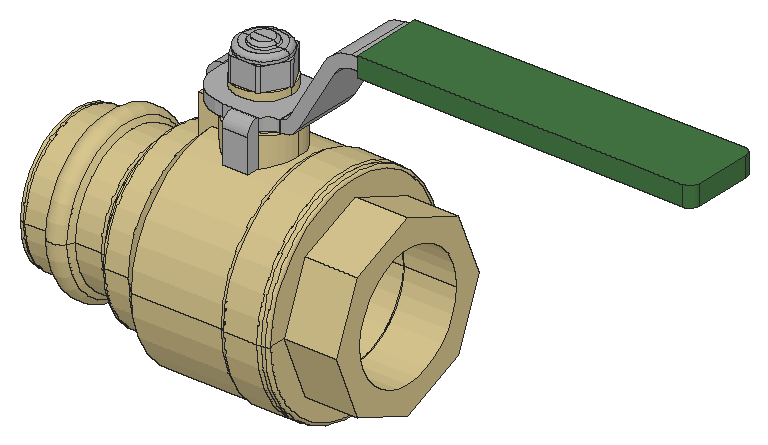
Revit family "QA12130000", category Apparecchi idraulici, Revit 2016
Family settings
  Tipo di parte = Normale
  Quota connettore circolare = Usa diametro
  Numero OmniClass = 23.45.00.00
  Titolo OmniClass = Sanitary, Laundry, and Cleaning Equipment
  Basato su piano di lavoro = No
  Sempre verticale = Sì
  Taglio con vuoti quando caricato = No
  Condiviso = No
  Punto di calcolo locali = No
Parameters
  URL = "https://web.cimberio.it/index.php/figura/1488?subcategoria_id=102"
  Produttore = "CIMBERIO SPA"
  DN Model [instance] = QA12135106 : QA12135106
  DN [instance] = 40 mm
Reference planes
  plane 1 "Centro (Fronte/Retro)": y = 0
  plane 2: z = 0
  plane 3 "Centro (Sinistra/Destra)": x = 0
Dimensions and locks
  aligned and locked: level to plane 2
Nested families
  nested 1: "QA12135106" at (0, 0, 0), type <- "DN Model", type "QA12135106"
    with DN 10 mm
  nested 2: "QA12135106" at (0, 0, 0), type <- "DN Model", type "QA12135106"
    with DN 10 mm
  nested 3: "QA12135106" at (0, 0, 0), type <- "DN Model", type "QA12135106"
    with DN 10 mm
  nested 4: "QA12135106" at (0, 0, 0), type <- "DN Model", type "QA12135106"
    with DN 10 mm
  nested 5: "QA12135106" at (0, 0, 0), type <- "DN Model", type "QA12135106"
    with DN 10 mm
  nested 6: "QA12135106" at (0, 0, 0), type <- "DN Model", type "QA12135106"
    with DN 10 mm
  nested 7: "QA12135106" at (0, 0, 0), type <- "DN Model", type "QA12135106"
    with DN 10 mm
  nested 8: "QA12135106" at (0, 0, 0), type <- "DN Model", type "QA12135106"
    with DN 10 mm
  nested 9: "QA12135106" at (0, 0, 0), type <- "DN Model", type "QA12135106"
    with DN 10 mm
Connectors
  piping at (47.25, 0, 0), diameter 40, driven by "DN"
    settings: on nested 1, index 1, connector inside diameter 609.6 mm, connector length 0 mm, flow factor 0, pipe flow 0.0 L/s, pressure drop 0.0 Pa, fitting loss kfactor 0, connector angle 0.00°, fixture units 0, engagement length 0 mm, angle of deflection 0.00°, flow configuration 0, flow direction 0, fitting loss method 0, system type 7, joint type 0, gender type 0, connector reference index -1, connector utility 0, adjustable connector no, is connector primary yes, connector description ""
  piping at (-61.25, 0, 0), diameter 40, driven by "DN"
    settings: on nested 1, index 2, connector inside diameter 609.6 mm, connector length 0 mm, flow factor 0, pipe flow 0.0 L/s, pressure drop 0.0 Pa, fitting loss kfactor 0, connector angle 0.00°, fixture units 0, engagement length 0 mm, angle of deflection 0.00°, flow configuration 0, flow direction 0, fitting loss method 0, system type 7, joint type 0, gender type 0, connector reference index -1, connector utility 0, adjustable connector no, is connector primary no, connector description ""
Definition of nested family "QA12135106"
  Parameters (values of type "QA12135106")
    DN [instance] = 10 mm  # constant formula
  Reference planes
    plane 1 "Centro (Fronte/Retro)": y = 0
    plane 2: z = 0
    plane 3 "Centro (Sinistra/Destra)": x = 0
  Forms (mm)
    Revolve 1, solid
      sketch origin (0, 0, 0) x (1, 0, 0) y (0, 1, 0)
        loop
          line (-61.25, 20) -> (29.75, 20) -> (29.75, 34.271)
          arc (29.75, 34.271) -> (29.45, 34.964) -> (28.75, 35.25) r 1
          line (28.75, 35.25) -> (27.199, 35.25) -> (26.266, 35.5) -> (15.25, 35.5)
          arc (15.25, 35.5) -> (14.562, 34.983) -> (13.722, 34.8) r 2.019
          line (13.722, 34.8) -> (-15.45, 34.8) -> (-21.25, 29) -> (-28.75, 29)
          arc (-28.75, 29) -> (-29.457, 28.707) -> (-29.75, 28) r 1
          line (-29.75, 28) -> (-29.75, 25.6)
          arc (-29.75, 25.6) -> (-30.336, 24.186) -> (-31.75, 23.6) r 2
          line (-31.75, 23.6) -> (-33.25, 23.6)
          arc (-33.25, 23.6) -> (-33.972, 23.302) -> (-34.747, 23.2) r 3
          line (-34.747, 23.2) -> (-43.247, 23.2) -> (-44.286, 25)
          arc (-44.286, 25) -> (-47.75, 27) -> (-51.214, 25) r 4
          line (-51.214, 25) -> (-52.253, 23.2) -> (-59.459, 23.2) -> (-60.461, 23) -> (-61.25, 23) -> (-61.25, 20)
        axis (-61.25, 0) -> (29.75, 0)
      angle from 0 to 360
    Revolve 2, solid
      sketch origin (0, 0, 0) x (1, 0, 0) y (0, 0, 1)
        loop
          line (0.056, 47.8) -> (-10, 47.8) -> (-10, 43) -> (-11.388, 43) -> (-11.388, 31.761) -> (0.056, 31.761) -> (0.056, 47.8)
        axis (0.056, 31.761) -> (0.056, 47.8)
      angle from 0 to 360
    Extrusion 3, solid
      sketch origin (0, 0, 0) x (1, 0, 0) y (0, 0, 1)
        loop
          line (-11.388, 43) -> (-20, 43) -> (-20, 28.911) -> (-11.388, 28.911) -> (-11.388, 43)
      from -1.6 to 1.7
    Revolve 4, solid
      sketch origin (0, 0, 0) x (1, 0, 0) y (0, 0, 1)
        loop
          line (0, 54.3) -> (-9.25, 54.3) -> (-9.25, 51.8) -> (0, 51.8) -> (0, 54.3)
        axis (0, 54.3) -> (0, 51.8)
      angle from 0 to 360
    Revolve 5, solid
      sketch origin (0, 0, 0) x (1, 0, 0) y (0, 0, 1)
        loop
          line (0, 65.8) -> (0, 62) -> (8.25, 62) -> (8.25, 62.8)
          arc (8.25, 62.8) -> (7.811, 63.861) -> (6.75, 64.3) r 1.5
          line (6.75, 64.3) -> (4.697, 64.3) -> (3.463, 64.701) -> (4.28, 64.92) -> (3.4, 65.8) -> (0, 65.8)
        axis (0, 65.8) -> (0, 62)
      angle from 0 to 360
    Extrusion 6, solid
      sketch origin (0, 0, 0) x (1, 0, 0) y (0, 0, 1)
        loop
          arc (-14.7, 51.8) -> (-18.428, 50.443) -> (-20, 46.8) r 5.008
          line (-20, 46.8) -> (-20, 38.053) -> (-16, 38.053) -> (-16, 46.8)
          arc (-16, 46.8) -> (-15.588, 47.609) -> (-14.7, 47.8) r 1.058
          line (-14.7, 47.8) -> (-14.7, 51.8)
      from -10 to -1.7
    Extrusion 7, solid
      sketch origin (0, 0, 0) x (1, 0, 0) y (0, 0, 1)
        loop
          line (29.699, 73.796) -> (18.011, 53.552)
          arc (18.011, 53.552) -> (16.739, 52.275) -> (15, 51.8) r 3.5
          line (15, 51.8) -> (15, 47.8)
          arc (15, 47.8) -> (18.74, 48.811) -> (21.476, 51.553) r 7.5
          line (21.476, 51.553) -> (33.164, 71.798)
          arc (33.164, 71.798) -> (35.36, 73.995) -> (38.36, 74.8) r 6
          line (38.36, 74.8) -> (40.963, 74.8) -> (40.963, 78.8) -> (38.362, 78.8)
          arc (38.362, 78.8) -> (33.36, 77.459) -> (29.699, 73.796) r 10
      from -10 to 12
    Extrusion 8, solid
      sketch origin (0, 0, 28.55) x (1, 0, 0) y (0, 1, 0)
        loop
          line (9.352, 0.6) -> (5.198, 7.795)
          arc (5.198, 7.795) -> (4.756, 8.237) -> (4.152, 8.399) r 1.208
          line (4.152, 8.399) -> (-4.173, 8.399)
          arc (-4.173, 8.399) -> (-4.759, 8.242) -> (-5.187, 7.814) r 1.171
          line (-5.187, 7.814) -> (-9.362, 0.583)
          arc (-9.362, 0.583) -> (-9.518, 0) -> (-9.362, -0.583) r 1.165
          line (-9.362, -0.583) -> (-5.187, -7.813)
          arc (-5.187, -7.813) -> (-4.759, -8.242) -> (-4.173, -8.399) r 1.171
          line (-4.173, -8.399) -> (4.165, -8.399)
          arc (4.165, -8.399) -> (4.757, -8.24) -> (5.191, -7.806) r 1.185
          line (5.191, -7.806) -> (9.352, -0.6)
          arc (9.352, -0.6) -> (9.513, 0) -> (9.352, 0.6) r 1.2
      from 25.75 to 33.45
    Extrusion 9, solid
      sketch origin (0, 0, 28.55) x (1, 0, 0) y (0, 1, 0)
        loop
          line (-14.7, 10) -> (-14.7, -1.7)
          arc (-14.7, -1.7) -> (-10.892, -10.892) -> (-1.7, -14.7) r 13
          line (-1.7, -14.7) -> (0.876, -14.7) -> (1.7, -15) -> (10.417, -15)
          arc (10.417, -15) -> (12.261, -12.817) -> (15, -12) r 5
          line (15, -12) -> (15, 10) -> (-14.7, 10)
      from 19.25 to 23.25
    Extrusion 10, solid
      sketch origin (0, 0, 28.55) x (1, 0, 0) y (0, 1, 0)
        loop
          line (40.963, 10.75) -> (40.963, -12.75) -> (147.942, -13.479)
          arc (147.942, -13.479) -> (150.075, -12.61) -> (150.963, -10.484) r 3
          line (150.963, -10.484) -> (150.963, 8.475)
          arc (150.963, 8.475) -> (150.078, 10.607) -> (147.941, 11.479) r 3
          line (147.941, 11.479) -> (40.963, 10.75)
      from 44.988 to 51.45
    Extrusion 11, solid
      sketch origin (-11, 0, 0) x (0, 0, 1) y (0, 1, 0)
        loop
          line (51.8, -15) -> (47.8, -15) -> (36.812, -15) -> (36.812, -19) -> (47.8, -19)
          arc (47.8, -19) -> (50.628, -17.828) -> (51.8, -15) r 4
      from -21 to -12.7
    Extrusion 12, solid
      sketch origin (0, 0, 0) x (0, 1, 0) y (0, 0, 1)
        loop
          circle (0, 0) r 20
        loop
          line (0, 29) -> (-20.506, 20.506) -> (-29, 0) -> (-20.506, -20.506) -> (0, -29) -> (20.506, -20.506) -> (29, 0) -> (20.506, 20.506) -> (0, 29)
      from 29.75 to 47.25
  Dimensions and locks
    aligned and locked: level to plane 2
